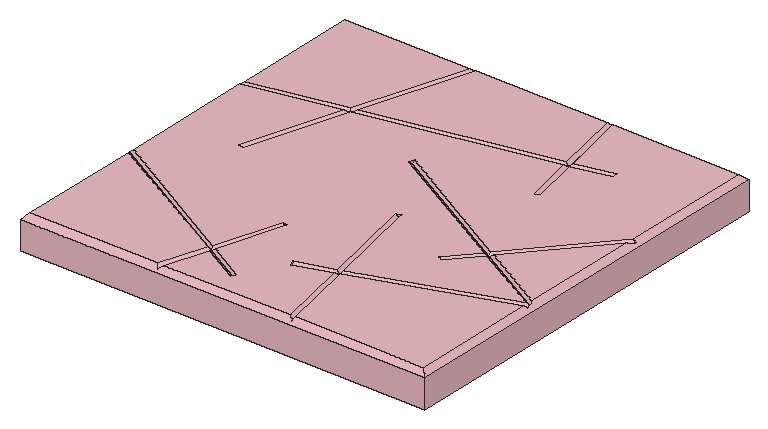
Revit family "TWIGS 2ft x 2ft", category Specialty Equipment, Revit 2023
Family settings
  Round Connector Dimension = Use Diameter
  Part Type = Normal
  OmniClass Number = 23.35.00.00
  OmniClass Title = Covering, Cladding, and Finishes
  Work Plane-Based = Yes
  Enable Cutting in Views = Yes
  Always vertical = No
  Cut with Voids When Loaded = No
  Maintain Annotation Orientation = No
  Shared = No
  Room Calculation Point = No
Parameters (values of type "2 INCH THICK - CUSTOM PAINTED - STANDARD")
  URL = "https://www.acousticalsurfaces.com/envirocoustic-wood-wool/designs/"
  Type Comments = "Acoustic panels for vertical and horizontal surfaces"
  Thickness = 0' - 2"
  Recycled Content Percentage = "0%"
  Model = "Envirocoustic Wood Wool"
  Material = "Envirocoustic Wood Wool"
  Manufacturer = "Acoustical Surfaces, Inc."
  Fire Rating = "ASTM E84 - Class A"
  Finish = Paint - Acoustical-Surfaces - Custom Painted
  Description = "Acoustic Panels"
  Default Elevation = 0' - 0"
  Backer Thickness = 0' - 1"
  Backer = no
  Assembly Code = "C30"
  Acoustics - NRC = "Sound absorption varies from NRC 0.45 to 0.95 based on installation method used when tested per ASTM C423."
Types (27): name | Thickness | Finish | Backer Thickness | Backer
  2 INCH THICK - CUSTOM PAINTED - STANDARD | 0' - 2" | Paint - Acoustical-Surfaces - Custom Painted | 0' - 1" | no
  2 INCH THICK - PRIMED WHITE - STANDARD | 0' - 2" | Paint - Acoustical-Surfaces - Primed White | 0' - 1" | no
  2 INCH THICK - PRIMED CLEAR - STANDARD | 0' - 2" | Paint - Acoustical-Surfaces - Primed Clear | 0' - 1" | no
  2 INCH THICK - PRIMED WHITE - 2 INCH CFAB BACKER | 0' - 2" | Paint - Acoustical-Surfaces - Primed White | 0' - 2" | yes
  2 INCH THICK - PRIMED WHITE - 1 INCH CFAB BACKER | 0' - 2" | Paint - Acoustical-Surfaces - Primed White | 0' - 1" | yes
  2 INCH THICK - PRIMED CLEAR - 2 INCH CFAB BACKER | 0' - 2" | Paint - Acoustical-Surfaces - Primed Clear | 0' - 2" | yes
  2 INCH THICK - PRIMED CLEAR - 1 INCH CFAB BACKER | 0' - 2" | Paint - Acoustical-Surfaces - Primed Clear | 0' - 1" | yes
  2 INCH THICK - CUSTOM PAINTED - 2 INCH CFAB BACKER | 0' - 2" | Paint - Acoustical-Surfaces - Custom Painted | 0' - 2" | yes
  2 INCH THICK - CUSTOM PAINTED - 1 INCH CFAB BACKER | 0' - 2" | Paint - Acoustical-Surfaces - Custom Painted | 0' - 1" | yes
  1-3/8 INCH THICK - CUSTOM PAINTED - STANDARD | 0' - 1 3/8" | Paint - Acoustical-Surfaces - Custom Painted | 0' - 1" | no
  1-3/8 INCH THICK - PRIMED WHITE - STANDARD | 0' - 1 3/8" | Paint - Acoustical-Surfaces - Primed White | 0' - 1" | no
  1-3/8 INCH THICK - PRIMED CLEAR - STANDARD | 0' - 1 3/8" | Paint - Acoustical-Surfaces - Primed Clear | 0' - 1" | no
  1-3/8 INCH THICK - PRIMED WHITE - 2 INCH CFAB BACKER | 0' - 1 3/8" | Paint - Acoustical-Surfaces - Primed White | 0' - 2" | yes
  1-3/8 INCH THICK - PRIMED WHITE - 1 INCH CFAB BACKER | 0' - 1 3/8" | Paint - Acoustical-Surfaces - Primed White | 0' - 1" | yes
  1-3/8 INCH THICK - PRIMED CLEAR - 2 INCH CFAB BACKER | 0' - 1 3/8" | Paint - Acoustical-Surfaces - Primed Clear | 0' - 2" | yes
  1-3/8 INCH THICK - PRIMED CLEAR - 1 INCH CFAB BACKER | 0' - 1 3/8" | Paint - Acoustical-Surfaces - Primed Clear | 0' - 1" | yes
  1-3/8 INCH THICK - CUSTOM PAINTED - 2 INCH CFAB BACKER | 0' - 1 3/8" | Paint - Acoustical-Surfaces - Custom Painted | 0' - 2" | yes
  1-3/8 INCH THICK - CUSTOM PAINTED - 1 INCH CFAB BACKER | 0' - 1 3/8" | Paint - Acoustical-Surfaces - Custom Painted | 0' - 1" | yes
  1 INCH THICK - CUSTOM PAINTED - STANDARD | 0' - 1" | Paint - Acoustical-Surfaces - Custom Painted | 0' - 1" | no
  1 INCH THICK - PRIMED WHITE - STANDARD | 0' - 1" | Paint - Acoustical-Surfaces - Primed White | 0' - 1" | no
  1 INCH THICK - PRIMED CLEAR - STANDARD | 0' - 1" | Paint - Acoustical-Surfaces - Primed Clear | 0' - 1" | no
  1 INCH THICK - PRIMED WHITE - 2 INCH CFAB BACKER | 0' - 1" | Paint - Acoustical-Surfaces - Primed White | 0' - 2" | yes
  1 INCH THICK - PRIMED WHITE - 1 INCH CFAB BACKER | 0' - 1" | Paint - Acoustical-Surfaces - Primed White | 0' - 1" | yes
  1 INCH THICK - PRIMED CLEAR - 2 INCH CFAB BACKER | 0' - 1" | Paint - Acoustical-Surfaces - Primed Clear | 0' - 2" | yes
  1 INCH THICK - PRIMED CLEAR - 1 INCH CFAB BACKER | 0' - 1" | Paint - Acoustical-Surfaces - Primed Clear | 0' - 1" | yes
  1 INCH THICK - CUSTOM PAINTED - 2 INCH CFAB BACKER | 0' - 1" | Paint - Acoustical-Surfaces - Custom Painted | 0' - 2" | yes
  1 INCH THICK - CUSTOM PAINTED - 1 INCH CFAB BACKER | 0' - 1" | Paint - Acoustical-Surfaces - Custom Painted | 0' - 1" | yes
Reference planes (in)
  plane 1 "Center (Front/Back)": y = 0
  plane 2: z = 0
  plane 3 "Center (Left/Right)": x = 0
  plane 4: x = -12
  plane 5: x = 12
  plane 6: y = 12
  plane 7: y = -12
  plane 8: z = 2
  plane 9: z = -1
Forms (in)
  Extrusion 1, solid, material "Paint - Acoustical-Surfaces - Custom Painted" <- "Finish"
    sketch origin (0, 0, 0) x (1, 0, 0) y (0, 1, 0)
      loop
        line (12, 12) -> (-12, 12) -> (-12, -12) -> (12, -12) -> (12, 12)
    from 0 to 2
  Sweep 2, void
    path in 3D
      loop
        line (12, 12, 2) -> (-12, 12, 2) -> (-12, -12, 2) -> (12, -12, 2) -> (12, 12, 2)
    profile "Triangle : Family2" origin (12, 0, 2) x (-1, 0, 0) y (0, 0, 1)
      loop
        line (0, 0) -> (0, -0.315) -> (0.315, 0) -> (0, 0)
  Extrusion 3, solid, visible <- "Backer"
    sketch origin (0, 0, 0) x (1, 0, 0) y (0, 1, 0)
      loop
        line (12, 12) -> (-12, 12) -> (-12, -12) -> (12, -12) -> (12, 12)
    from 0 to -1
  Sweep 4, void
    path origin (0, 0, 2) x (1, 0, 0) y (0, 1, 0)
      loop
        line (4, 12) -> (5.58213, 4.3842)
    profile "Groove : Family2" origin (4.79106, 8.1921, 2) x (0.979096, 0.2034, 0) y (0, 0, 1)
      loop
        line (-0.1575, 0) -> (0, -0.1575) -> (0.1575, 0) -> (-0.1575, 0)
  Sweep 5, void
    path origin (0, 0, 2) x (1, 0, 0) y (0, 1, 0)
      loop
        line (-12, 4) -> (7.28616, 8.00656)
    profile "Groove : Family2" origin (-2.35692, 6.00328, 2) x (-0.2034, 0.979096, 0) y (0, 0, 1)
      loop
        line (-0.1575, 0) -> (0, -0.1575) -> (0.1575, 0) -> (-0.1575, 0)
  Sweep 6, void
    path origin (0, 0, 2) x (1, 0, 0) y (0, 1, 0)
      loop
        line (-4, 12) -> (-8.01778, -0.64762)
    profile "Groove : Family2" origin (-6.00889, 5.67619, 2) x (0.953066, -0.302761, 0) y (0, 0, 1)
      loop
        line (-0.1575, 0) -> (0, -0.1575) -> (0.1575, 0) -> (-0.1575, 0)
  Sweep 7, void
    path origin (0, 0, 2) x (1, 0, 0) y (0, 1, 0)
      loop
        line (-0.92695, 3.22332) -> (12, -4)
    profile "Groove : Family2" origin (5.53653, -0.38834, 2) x (0.487792, 0.87296, 0) y (0, 0, 1)
      loop
        line (-0.1575, 0) -> (0, -0.1575) -> (0.1575, 0) -> (-0.1575, 0)
  Sweep 8, void
    path origin (0, 0, 2) x (1, 0, 0) y (0, 1, 0)
      loop
        line (12, 4) -> (5.81311, -3.14387)
    profile "Groove : Family2" origin (8.90655, 0.42807, 2) x (0.755923, -0.654661, 0) y (0, 0, 1)
      loop
        line (-0.1575, 0) -> (0, -0.1575) -> (0.1575, 0) -> (-0.1575, 0)
  Sweep 9, void
    path origin (0, 0, 2) x (1, 0, 0) y (0, 1, 0)
      loop
        line (12, -4) -> (0.73733, -7.78832)
    profile "Groove : Family2" origin (6.36867, -5.89416, 2) x (0.318809, -0.947819, 0) y (0, 0, 1)
      loop
        line (-0.1575, 0) -> (0, -0.1575) -> (0.1575, 0) -> (-0.1575, 0)
  Sweep 10, void
    path origin (0, 0, 2) x (1, 0, 0) y (0, 1, 0)
      loop
        line (4, -12) -> (1.73717, -1.10755)
    profile "Groove : Family2" origin (2.86859, -6.55378, 2) x (-0.979096, -0.2034, 0) y (0, 0, 1)
      loop
        line (-0.1575, 0) -> (0, -0.1575) -> (0.1575, 0) -> (-0.1575, 0)
  Sweep 11, void
    path origin (0, 0, 2) x (1, 0, 0) y (0, 1, 0)
      loop
        line (-12, -4) -> (-0.62648, -10.3553)
    profile "Groove : Family2" origin (-6.31324, -7.17765, 2) x (0.487792, 0.87296, 0) y (0, 0, 1)
      loop
        line (-0.1575, 0) -> (0, -0.1575) -> (0.1575, 0) -> (-0.1575, 0)
  Sweep 12, void
    path origin (0, 0, 2) x (1, 0, 0) y (0, 1, 0)
      loop
        line (-4, -12) -> (-1.81269, -5.11453)
    profile "Groove : Family2" origin (-2.90634, -8.55726, 2) x (-0.953066, 0.302761, 0) y (0, 0, 1)
      loop
        line (-0.1575, 0) -> (0, -0.1575) -> (0.1575, 0) -> (-0.1575, 0)
Cuts and joins
  Sweep 2, Sweep 4, Sweep 5, Sweep 6, Sweep 7, Sweep 8, Sweep 9, Sweep 10, Sweep 11, Sweep 12 cuts Extrusion 1
Lines and regions (in)
  sketch lines
    curve 1: line (12, -12, 2) -> (12, 12, 2)
    curve 2: line (-12, -12, 2) -> (12, -12, 2)
    curve 3: line (-12, 12, 2) -> (-12, -12, 2)
    curve 4: line (12, 12, 2) -> (-12, 12, 2)
Dimensions and locks (in)
  equal spacing: plane 4, plane 3 "Center (Left/Right)", plane 5
  equal spacing: plane 7, plane 1 "Center (Front/Back)", plane 6
  plane 7 to plane 6 = 2' - 0"
  locked: plane 4 to plane 5 at 24
  "Thickness": plane 8 to level
  "Backer Thickness": level to plane 9
  aligned and locked: level to plane 2
  aligned and locked: Extrusion 1 sketch curve to plane 4
  aligned and locked: plane 5 to Extrusion 1 sketch curve
  aligned and locked: Extrusion 1 sketch curve to plane 6
  aligned and locked: Extrusion 1 sketch curve to plane 7
  aligned and locked: Extrusion 1 to plane 8
  aligned and locked: Extrusion 3 sketch curve to plane 4
  aligned and locked: plane 5 to Extrusion 3 sketch curve
  aligned and locked: Extrusion 3 sketch curve to plane 6
  aligned and locked: Extrusion 3 sketch curve to plane 7
  aligned and locked: plane 9 to Extrusion 3
